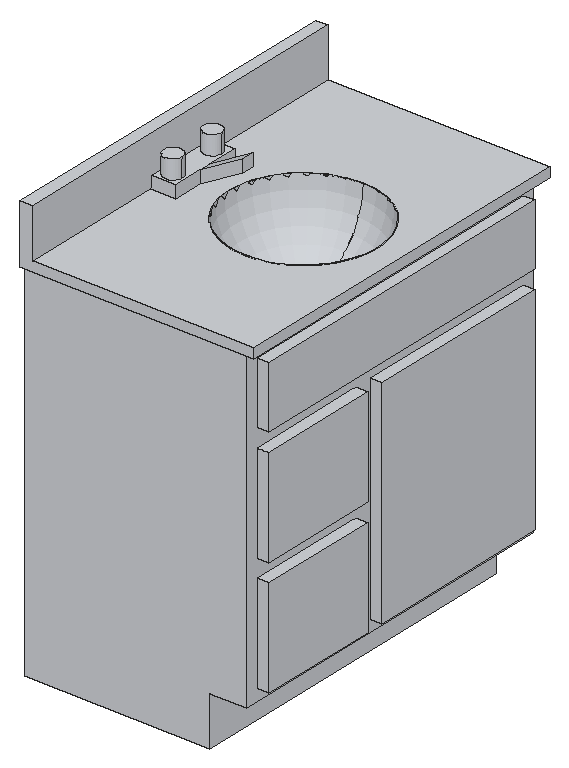
Revit family "16b04a73cceb437e8692d288ba8c91d5", category Plumbing Fixtures, Revit 2021
Family settings
  Round Connector Dimension = Use Radius
  Part Type = Normal
  OmniClass Number = 23.45.05.14.14
  OmniClass Title = Sinks/Lavatories
  Seek Item ID = Lavatory - Vanity-0000-USA-ENU
  Work Plane-Based = No
  Always vertical = Yes
  Cut with Voids When Loaded = No
  Shared = No
  Room Calculation Point = No
Parameters (values of type "30"x18" - Public")
  Sanitary Radius = 5/8"
  Sanitary Diameter = Sanitary Radius * 2  # 1 1/4"
  WFU = 1
  Lavatory Length = 1' - 6"
  Lavatory Width = 2' - 6"
  Sink Material = none
  Hot Water Radius = 1/4"
  Hot Water Diameter = Hot Water Radius * 2  # 1/2"
  Half Lavatory Width = Lavatory Width / 2  # 1' - 3"
  HWFU = 1.5
  Flow Pressure [instance] = 8.00 psi
  Faucet Material = none
  Default Elevation = 0' - 0"
  Cold Water Radius = 1/4"
  Cold Water Diameter = Cold Water Radius * 2  # 1/2"
  Cabinet Top Material = none
  Cabinet Material = none
  CWFU = 1.5
Types (3): name | HWFU | CWFU
  (no name) | 1.5 | 1.5
  30"x18" - Private | 0.5 | 0.5
  30"x18" - Public | 1.5 | 1.5
Reference planes (in)
  plane 1 "Center (Front/Back)": y = 0
  plane 2: z = 0
  plane 3 "Center (Left/Right)": x = 0
  plane 4: y = 15
  plane 5: y = -15
  plane 6: x = 1.03125
  plane 7: x = 19.03125
  plane 8: z = 4
  plane 9: z = 30
  plane 10: z = 30.75
  plane 11: z = 34.75
  plane 12: x = 18.03125
  plane 13: x = 15.03125
  plane 14: y = -14.5
  plane 15: y = 14.5
  plane 16: y = 13.5
  plane 17: y = -13.5
  plane 18: z = 29
  plane 19: z = 24
  plane 20: z = 22.5
  plane 21: z = 14.5
  plane 22: z = 13
  plane 23: z = 5
  plane 24: y = -3.5
  plane 25: y = -2
  plane 26 "1": x = 11.03125
  plane 27: x = 3.03125
  plane 28: y = 3
  plane 29: y = -3
  plane 30: z = 31.75
  plane 31: x = 2.03125
  plane 32: y = 2
  plane 33: y = -2
  plane 34: z = 33.25
  plane 35: x = 6.5
  plane 36: z = 33.75
  plane 37: z = 32.75
  plane 38: y = 0.5
  plane 39: y = -0.5
  plane 40: x = 17.53125
  plane 41 "2": z = 24.75
  plane 42: z = 27
  plane 43: y = -4
  plane 44: y = 4
Forms (in)
  Extrusion 1, solid, material <- "Cabinet Top Material"
    sketch origin (0, 0, 0) x (1, 0, 0) y (0, 1, 0)
      loop
        line (0, 15) -> (0, -15) -> (19.03125, -15) -> (19.03125, 15) -> (0, 15)
    from 30 to 30.75
  Extrusion 2, solid, material <- "Cabinet Top Material"
    sketch origin (0, 0, 0) x (1, 0, 0) y (0, 1, 0)
      loop
        line (0, 15) -> (0, -15) -> (1.03125, -15) -> (1.03125, 15) -> (0, 15)
    from 30.75 to 34.75
  Extrusion 3, solid, material <- "Cabinet Material"
    sketch origin (0, 0, 0) x (1, 0, 0) y (0, 1, 0)
      loop
        line (0, 14.5) -> (0, -14.5) -> (15.03125, -14.5) -> (15.03125, 14.5) -> (0, 14.5)
    from 0 to 4
  Extrusion 4, solid, material <- "Cabinet Material"
    sketch origin (0, 0, 0) x (1, 0, 0) y (0, 1, 0)
      loop
        line (0, 14.5) -> (0, -14.5) -> (18.03125, -14.5) -> (18.03125, 14.5) -> (0, 14.5)
    from 4 to 30
  Extrusion 5, solid, material <- "Cabinet Material"
    sketch origin (0, 0, 0) x (0, 1, 0) y (0, 0, 1)
      loop
        line (-13.5, 29) -> (-13.5, 24) -> (13.5, 24) -> (13.5, 29) -> (-13.5, 29)
      loop
        line (-13.5, 22.5) -> (-13.5, 14.5) -> (-3.5, 14.5) -> (-3.5, 22.5) -> (-13.5, 22.5)
      loop
        line (-13.5, 13) -> (-13.5, 5) -> (-3.5, 5) -> (-3.5, 13) -> (-13.5, 13)
      loop
        line (-2, 22.5) -> (-2, 5) -> (13.5, 5) -> (13.5, 22.5) -> (-2, 22.5)
    from 18.03125 to 19.03125
  Extrusion 6, solid, material <- "Faucet Material", detail levels fine
    sketch origin (0, 0, 0) x (1, 0, 0) y (0, 1, 0)
      loop
        line (1.03125, 3) -> (1.03125, -3) -> (3.03125, -3) -> (3.03125, 3) -> (1.03125, 3)
    from 30.75 to 31.75
  Extrusion 7, solid, material <- "Faucet Material", detail levels fine
    sketch origin (0, 0, 0) x (1, 0, 0) y (0, 1, 0)
      loop
        circle (2.03125, 2) r 0.75
      loop
        circle (2.03125, -2) r 0.75
    from 31.75 to 33.25
  Extrusion 8, solid, material <- "Faucet Material", detail levels fine
    sketch origin (0, 0, 0) x (1, 0, 0) y (0, 0, 1)
      loop
        line (6.5, 33.75) -> (3.03125, 31.75) -> (3.03125, 30.75) -> (6.5, 32.75) -> (6.5, 33.75)
    from -0.5 to 0.5
  Extrusion 9, void
    sketch origin (0, 0, 0) x (1, 0, 0) y (0, 1, 0)
      loop
        line (1.03125, 13.5) -> (1.03125, -13.5) -> (17.53125, -13.5) -> (17.53125, 13.5) -> (1.03125, 13.5)
    from 14.5 to 30
  Extrusion 10, void
    sketch origin (0, 0, 0) x (1, 0, 0) y (0, 1, 0)
      loop
        circle (11.03125, 0) r 6
    from 30 to 30.75
  Revolve 11, solid, material <- "Sink Material"
    sketch origin (11.03125, 0, 0) x (0, 1, 0) y (0, 0, 1)
      loop
        line (0, 24.75) -> (1.75, 24.75)
        arc (1.75, 24.75) -> (4.76555, 26.70624) -> (6.20484, 30) r 6.25
        line (6.20484, 30) -> (6, 30.75)
        arc (6, 30.75) -> (4.24264, 26.50736) -> (0, 24.75) r 6
      axis (0, 24.75) -> (0, 30.75)
    angle from 0 to 360
  Extrusion 12, solid, material <- "Cabinet Material"
    sketch origin (11.03125, 0, 0) x (0, 1, 0) y (0, 0, 1)
      loop
        circle (-4, 27) r 0.5
      loop
        circle (4, 27) r 0.5
    from -11.03125 to -10
Cuts and joins
  joined: Extrusion 6, Extrusion 7, Extrusion 8
  Extrusion 9, Extrusion 10 cuts Extrusion 3
  Extrusion 9, Extrusion 10 cuts Extrusion 4
  joined: Extrusion 3, Extrusion 4, Extrusion 5, Extrusion 12
  Extrusion 10 cuts Extrusion 1
  joined: Extrusion 1, Extrusion 2
Dimensions and locks (in)
  "Half Lavatory Width": plane 4 to plane 1 "Center (Front/Back)"
  "Half Lavatory Width": plane 5 to plane 1 "Center (Front/Back)"
  locked: plane 6 to plane 3 "Center (Left/Right)" at 1.03125
  "Lavatory Length": plane 7 to plane 6
  locked: plane 8 to plane 2 at 4
  locked: plane 9 to plane 8 at 26
  locked: plane 10 to plane 9 at 0.75
  locked: plane 11 to plane 10 at 4
  locked: plane 7 to plane 12 at 1
  locked: plane 12 to plane 13 at 3
  locked: plane 5 to plane 14 at 0.5
  locked: plane 15 to plane 4 at 0.5
  locked: plane 14 to plane 17 at 1
  locked: plane 16 to plane 15 at 1
  locked: plane 18 to plane 9 at 1
  locked: plane 18 to plane 19 at 5
  locked: plane 19 to plane 20 at 1.5
  locked: plane 20 to plane 21 at 8
  locked: plane 21 to plane 22 at 1.5
  locked: plane 22 to plane 23 at 8
  locked: plane 23 to plane 8 at 1
  locked: plane 17 to plane 24 at 10
  locked: plane 24 to plane 25 at 1.5
  locked: plane 26 "1" to plane 7 at 8
  equal spacing: plane 28, plane 1 "Center (Front/Back)", plane 29
  locked: plane 6 to plane 27 at 2
  locked: plane 30 to plane 10 at 1
  equal spacing: plane 6, plane 31, plane 27
  locked: plane 28 to plane 32 at 1
  locked: plane 33 to plane 29 at 1
  locked: plane 34 to plane 30 at 1.5
  locked: plane 35 to plane 27 at 3.46875
  locked: plane 36 to plane 10 at 3
  locked: plane 36 to plane 37 at 1
  equal spacing: plane 38, plane 1 "Center (Front/Back)", plane 39
  locked: plane 40 to plane 12 at 0.5
  locked: plane 41 "2" to plane 2 at 24.75
  locked: plane 42 to plane 41 "2" at 2.25
  equal spacing: plane 43, plane 1 "Center (Front/Back)", plane 44, locked at 4 each
  locked: plane 43 to plane 1 "Center (Front/Back)" at 4
  radius of Extrusion 7 sketch curve = 0' - 0 3/4"  (x2)
  radius of Extrusion 10 sketch curve = 0' - 6"
  radius of Revolve 11 sketch curve = 0' - 6"
  aligned and locked: Extrusion 1 to plane 3 "Center (Left/Right)"
  aligned and locked: plane 7 to Extrusion 1
  aligned and locked: plane 4 to Extrusion 1
  aligned and locked: Extrusion 1 to plane 5
  aligned and locked: plane 9 to Extrusion 1
  aligned and locked: plane 6 to Extrusion 2
  aligned and locked: plane 4 to Extrusion 2
  aligned and locked: Extrusion 2 to plane 5
  aligned and locked: Extrusion 2 to plane 3 "Center (Left/Right)"
  aligned and locked: Extrusion 2 to plane 11
  aligned and locked: Extrusion 2 to plane 10
  aligned and locked: Extrusion 3 to plane 3 "Center (Left/Right)"
  aligned and locked: plane 13 to Extrusion 3
  aligned and locked: plane 8 to Extrusion 3
  aligned and locked: Extrusion 3 to plane 2
  aligned and locked: plane 12 to Extrusion 4
  aligned and locked: Extrusion 4 to plane 3 "Center (Left/Right)"
  aligned and locked: Extrusion 4 to plane 9
  aligned and locked: Extrusion 4 to plane 8
  aligned and locked: Extrusion 4 to plane 14
  aligned and locked: plane 15 to Extrusion 4
  aligned and locked: Extrusion 3 to plane 14
  aligned and locked: plane 15 to Extrusion 3
  aligned and locked: Extrusion 5 to plane 17  (x3)
  aligned and locked: plane 18 to Extrusion 5
  aligned and locked: Extrusion 5 to plane 19
  aligned and locked: plane 16 to Extrusion 5  (x2)
  aligned and locked: plane 20 to Extrusion 5  (x2)
  aligned and locked: Extrusion 5 to plane 23  (x2)
  aligned and locked: Extrusion 5 to plane 25
  aligned and locked: Extrusion 5 to plane 21
  aligned and locked: Extrusion 5 to plane 24  (x2)
  aligned and locked: plane 22 to Extrusion 5
  aligned and locked: plane 7 to Extrusion 5
  aligned and locked: Extrusion 5 to plane 12
  aligned and locked: plane 27 to Extrusion 6
  aligned and locked: Extrusion 6 to plane 29
  aligned and locked: plane 28 to Extrusion 6
  aligned and locked: Extrusion 6 to plane 6
  aligned and locked: plane 30 to Extrusion 6
  aligned and locked: Extrusion 6 to plane 10
  aligned and locked: plane 31 to Extrusion 7 sketch curve  (x2)
  aligned and locked: plane 32 to Extrusion 7 sketch curve
  aligned and locked: plane 33 to Extrusion 7 sketch curve
  aligned and locked: plane 34 to Extrusion 7
  aligned and locked: Extrusion 7 to plane 30
  aligned and locked: plane 38 to Extrusion 8
  aligned and locked: Extrusion 8 to plane 39
  aligned and locked: cut or joined group of Extrusion 3, Extrusion 4, Extrusion 5, Extrusion 9, Extrusion 10, Extrusion 12 to plane 6
  aligned and locked: Extrusion 9 to plane 17
  aligned and locked: plane 40 to Extrusion 9
  aligned and locked: plane 16 to Extrusion 9
  aligned and locked: Extrusion 9 to plane 9
  aligned and locked: Extrusion 9 to plane 21
  aligned and locked: plane 26 "1" to Extrusion 10 sketch curve
  aligned and locked: plane 1 "Center (Front/Back)" to Extrusion 10 sketch curve
  aligned and locked: plane 10 to Extrusion 10
  aligned and locked: plane 9 to Extrusion 10
  aligned and locked: Revolve 11 sketch curve to plane 1 "Center (Front/Back)"
  aligned and locked: plane 1 "Center (Front/Back)" to Revolve 11 sketch curve  (x2)
  aligned and locked: plane 10 to Revolve 11 sketch curve  (x2)
  aligned and locked: plane 42 to Extrusion 12 sketch curve  (x2)
  aligned and locked: plane 43 to Extrusion 12 sketch curve
  aligned and locked: plane 44 to Extrusion 12 sketch curve
  aligned and locked: Extrusion 12 to plane 3 "Center (Left/Right)"
  aligned and locked: plane 6 to Extrusion 12
Automatic sketch dimensions
  Extrusion 1 sketch curve to plane 3 "Center (Left/Right)" = 0' - 0"
  Extrusion 1 sketch curve to plane 5 = 0' - 0"
  Extrusion 1 sketch curve to plane 7 = 0' - 0"
  Extrusion 1 sketch curve to plane 4 = 0' - 0"
  Extrusion 2 sketch curve to plane 3 "Center (Left/Right)" = 0' - 0"
  Extrusion 2 sketch curve to plane 5 = 0' - 0"
  Extrusion 2 sketch curve to plane 6 = 0' - 0"
  Extrusion 2 sketch curve to plane 4 = 0' - 0"
  Extrusion 3 sketch curve to plane 3 "Center (Left/Right)" = 0' - 0"
  plane 5 to Extrusion 3 sketch curve = 0' - 0 1/2"
  Extrusion 3 sketch curve to plane 13 = 0' - 0"
  Extrusion 3 sketch curve to plane 4 = 0' - 0 1/2"
  Extrusion 4 sketch curve to plane 3 "Center (Left/Right)" = 0' - 0"
  plane 5 to Extrusion 4 sketch curve = 0' - 0 1/2"
  Extrusion 4 sketch curve to plane 12 = 0' - 0"
  Extrusion 4 sketch curve to plane 4 = 0' - 0 1/2"
  Extrusion 5 sketch curve to plane 17 = 0' - 0"  (x3)
  Extrusion 5 sketch curve to plane 21 = 0' - 0"
  Extrusion 5 sketch curve to plane 24 = 0' - 0"  (x2)
  Extrusion 5 sketch curve to plane 23 = 0' - 0"  (x2)
  Extrusion 5 sketch curve to plane 25 = 0' - 0"
  Extrusion 5 sketch curve to plane 16 = 0' - 0"  (x2)
  Extrusion 5 sketch curve to plane 22 = 0' - 0"
  Extrusion 5 sketch curve to plane 20 = 0' - 0"  (x2)
  Extrusion 5 sketch curve to plane 19 = 0' - 0"
  Extrusion 5 sketch curve to plane 18 = 0' - 0"
  Extrusion 6 sketch curve to plane 6 = 0' - 0"
  Extrusion 6 sketch curve to plane 27 = 0' - 0"
  Extrusion 6 sketch curve to plane 29 = 0' - 0"
  Extrusion 6 sketch curve to plane 28 = 0' - 0"
  Extrusion 8 sketch curve to plane 27 = 0' - 0"
  Extrusion 8 sketch curve to plane 35 = 0' - 0"
  Extrusion 8 sketch curve to plane 10 = 0' - 0"
  Extrusion 8 sketch curve to plane 30 = 0' - 0"
  Extrusion 8 sketch curve to plane 37 = 0' - 0"
  Extrusion 8 sketch curve to plane 36 = 0' - 0"
  Extrusion 9 sketch curve to plane 6 = 0' - 0"
  plane 17 to Extrusion 9 sketch curve = 0' - 0"
  Extrusion 9 sketch curve to plane 40 = 0' - 0"
  plane 16 to Extrusion 9 sketch curve = 0' - 0"
  Revolve 11 sketch curve to plane 1 "Center (Front/Back)" = 0' - 0"
  Revolve 11 sketch curve to plane 41 "2" = 0' - 0"
  Revolve 11 sketch curve to plane 20 = 0' - 0"
  Revolve 11 sketch curve to Revolve 11 sketch curve = 0' - 0.20484"
  Revolve 11 sketch curve to Revolve 11 sketch curve = 0' - 2"
  Revolve 11 sketch curve to plane 9 = 0' - 0"
  radius of Extrusion 12 sketch curve = 0' - 0 1/2"  (x2)
Connectors (in)
  piping at (0, 4, 27), diameter 0.5, driven by "Cold Water Radius", driven by "CWFU", driven by "Flow Pressure"
    settings: on Extrusion 12, index 1, connector inside diameter 1/2", connector length 0' - 0", flow factor 0, pipe flow 0 GPM, pressure drop 8.00 psi, fitting loss kfactor 0, connector angle 0.00°, fixture units 1.5, engagement length 0' - 0", angle of deflection 0.00°, flow configuration 3, flow direction 1, fitting loss method 4, system type 20, joint type 0, gender type 0, connector reference index -1, connector utility 0, adjustable connector no, is connector primary yes, connector description "In"
  piping at (0, -4, 27), diameter 0.5, driven by "Hot Water Radius", driven by "HWFU", driven by "Flow Pressure"
    settings: on Extrusion 12, index 2, connector inside diameter 1/2", connector length 0' - 0", flow factor 0, pipe flow 0 GPM, pressure drop 8.00 psi, fitting loss kfactor 0, connector angle 0.00°, fixture units 1.5, engagement length 0' - 0", angle of deflection 0.00°, flow configuration 3, flow direction 1, fitting loss method 4, system type 19, joint type 0, gender type 0, connector reference index -1, connector utility 0, adjustable connector no, is connector primary no, connector description "In"
  piping at (11.03125, 0, 24.75), diameter 1.25, driven by "WFU", driven by "Sanitary Radius"
    settings: on Revolve 11, index 3, connector inside diameter 1 1/4", connector length 0' - 0", flow factor 0, pipe flow 0 GPM, pressure drop 0.00 psi, fitting loss kfactor 0, connector angle 0.00°, fixture units 1, engagement length 0' - 0", angle of deflection 0.00°, flow configuration 3, flow direction 2, fitting loss method 0, system type 16, joint type 0, gender type 0, connector reference index -1, connector utility 0, adjustable connector no, is connector primary no, connector description "Out"
